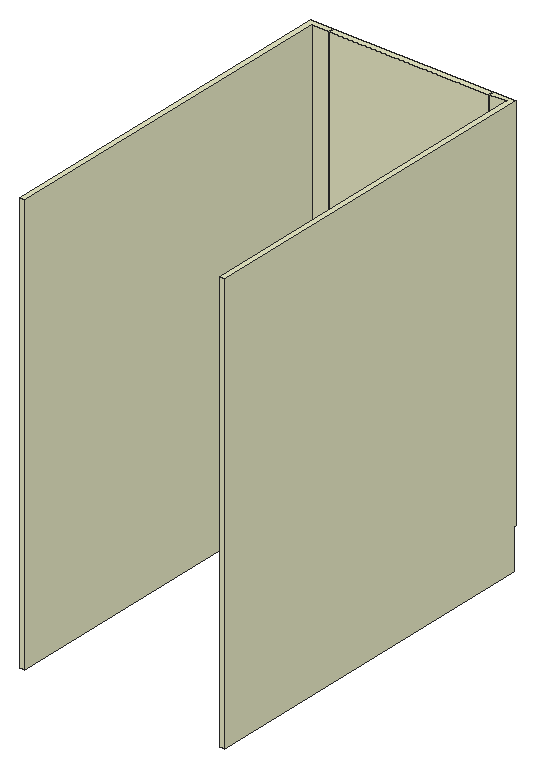
Revit family "Cabine de banheiro comercial", category Furniture, Revit 2016
Family settings
  OmniClass Number = 23.40.20.00
  OmniClass Title = General Furniture and Specialties
  Work Plane-Based = No
  Always vertical = Yes
  Cut with Voids When Loaded = No
  Shared = No
  Room Calculation Point = No
Parameters
  Vao da porta = 80.00 cm
  Porta = Painél Banheiro
  Painél esquerdo [instance] = yes
  Painél direito [instance] = yes
  Painéis = Painél Banheiro
  Largura = 100.00 cm
  Espessura dos painéis = 2.50 cm
  Comprimento = 180.00 cm
  Altura = 210.00 cm
Reference planes (cm)
  plane 1 "Centro (Frente/Trás)": y = 0
  plane 2: z = 0
  plane 3 "Centro (Esquerda/Direita)": x = 0
  plane 4: y = 90
  plane 5: x = 50
  plane 6: x = -50
  plane 7: y = -90
  plane 8: z = 210
Forms (cm)
  Extrusion 1, solid, material "Painél Banheiro" <- "Painéis"
    sketch origin (0, 0, 0) x (1, 0, 0) y (0, 1, 0)
      loop
        line (-51.25, 90) -> (-51.25, -90) -> (-48.75, -90) -> (-48.75, 90) -> (-51.25, 90)
    from 0 to 210
  Extrusion 2, solid, material "Painél Banheiro" <- "Painéis"
    sketch origin (0, 0, 0) x (1, 0, 0) y (0, 1, 0)
      loop
        line (48.75, 90) -> (48.75, -90) -> (51.25, -90) -> (51.25, 90) -> (48.75, 90)
    from 0 to 210
  Extrusion 3, solid, material "Painél Banheiro" <- "Painéis"
    sketch origin (0, 0, 0) x (1, 0, 0) y (0, 1, 0)
      loop
        line (-51.25, 88.75) -> (51.25, 88.75) -> (51.25, 91.25) -> (-51.25, 91.25) -> (-51.25, 88.75)
    from 20 to 210
  Extrusion 4, solid, material "Painél Banheiro" <- "Porta"
    sketch origin (0, 0, 0) x (1, 0, 0) y (0, 1, 0)
      loop
        line (-40, 88.75) -> (40, 88.75) -> (40, 91.25) -> (-40, 91.25) -> (-40, 88.75)
    from 20 to 210
  Extrusion 5, void
    sketch origin (51.25, 91.25, 0) x (1, 0, 0) y (0, 0, 1)
      loop
        line (-11.25, 20) -> (-11.25, 210) -> (-91.25, 210) -> (-91.25, 20) -> (-11.25, 20)
    from -56.7368 to 49.2367
Cuts and joins
  Extrusion 5 cuts Extrusion 3
  joined: Extrusion 1, Extrusion 2, Extrusion 3
Lines and regions (cm)
  Masking region 1
    outline origin (0, 0, 0) x (1, 0, 0) y (0, 1, 0)
      loop
        line (40, 88.75) -> (37.5, 88.75) -> (37.5, 8.75) -> (40, 8.75) -> (40, 88.75)
  symbolic lines
    curve 1: line (40, 88.75, 0) -> (40, 8.75, 0)
    curve 2: arc (40, 8.75, 0) -> (-16.5685, 32.1815, 0) -> (-40, 88.75, 0) r 80
    curve 3: line (37.5, 88.75, 0) -> (37.5, 8.75, 0)
    curve 4: line (40, 8.75, 0) -> (37.5, 8.75, 0)
    curve 7: line (37.5, 88.75, 0) -> (40, 88.75, 0)
  symbolic lines, style "FurnitureHiddenLines"
    curve 5: line (-40, 0, 20) -> (40, 0, 115)
    curve 6: line (40, 0, 115) -> (-40, 0, 210)
Text (cm)
  text "Desenvolvido por Fernando Goes\n\n@caradorevit" at (-42.0243, 48.4013, -110.532), in view "Vista 1"
Dimensions and locks (cm)
  "Largura": plane 6 to plane 5
  equal spacing: plane 6, plane 3 "Centro (Esquerda/Direita)", plane 5
  "Comprimento": plane 4 to plane 7
  equal spacing: plane 4, plane 1 "Centro (Frente/Trás)", plane 7
  equal spacing: Extrusion 2 sketch curve, plane 5, Extrusion 2 sketch curve
  "Espessura dos painéis": Extrusion 2 sketch curve to Extrusion 2 sketch curve
  "Espessura dos painéis": Extrusion 1 sketch curve to Extrusion 1 sketch curve
  equal spacing: Extrusion 1 sketch curve, plane 6, Extrusion 1 sketch curve
  equal spacing: Extrusion 3 sketch curve, plane 4, Extrusion 3 sketch curve
  "Espessura dos painéis": Extrusion 3 sketch curve to Extrusion 3 sketch curve
  equal spacing: Extrusion 4 sketch curve, plane 3 "Centro (Esquerda/Direita)", Extrusion 4 sketch curve
  "Vao da porta": Extrusion 4 sketch curve to Extrusion 4 sketch curve
  "Vao da porta": curve 2 to curve 1
  "Espessura dos painéis": curve 3 to curve 1
  "Altura": plane 8 to level
  aligned and locked: level to plane 2
  aligned and locked: Extrusion 2 sketch curve to plane 4
  aligned and locked: plane 7 to Extrusion 2 sketch curve
  aligned and locked: plane 7 to Extrusion 1 sketch curve
  aligned and locked: Extrusion 1 sketch curve to plane 4
  aligned and locked: Extrusion 3 sketch curve to Extrusion 1
  aligned and locked: Extrusion 2 to Extrusion 3 sketch curve
  aligned and locked: Extrusion 3 to Extrusion 4 sketch curve  (x2)
  aligned and locked: Extrusion 4 to curve 1
  aligned and locked: Extrusion 3 to curve 1
  aligned and locked: Extrusion 5 sketch curve to Extrusion 4  (x2)
  aligned and locked: cut or joined group of Extrusion 1, Extrusion 2, Extrusion 3, Extrusion 5 to Extrusion 4  (x2)
  aligned and locked: plane 8 to Extrusion 2
  aligned and locked: plane 8 to cut or joined group of Extrusion 1, Extrusion 2, Extrusion 3, Extrusion 5
  aligned and locked: Extrusion 1 to Extrusion 2
  aligned and locked: Extrusion 4 to curve 7
  aligned and locked: Masking region 1 sketch curve to curve 1
  aligned and locked: Masking region 1 sketch curve to curve 3
  aligned and locked: Extrusion 4 to Masking region 1 sketch curve
  aligned and locked: Masking region 1 sketch curve to curve 4
Automatic sketch dimensions
  Extrusion 3 to Extrusion 5 sketch curve = 11.25 cm
  Extrusion 5 sketch curve to Extrusion 3 = 11.25 cm
  curve 6 to plane 8 = 0.00 cm
  plane 6 to curve 6 = 10.00 cm
  plane 6 to curve 5 = 10.00 cm
  plane 5 to curve 6 = 10.00 cm
  curve 5 to plane 8 = 95.00 cm
  level to curve 5 = 20.00 cm
  curve 2 to curve 1 = 0.00 cm
